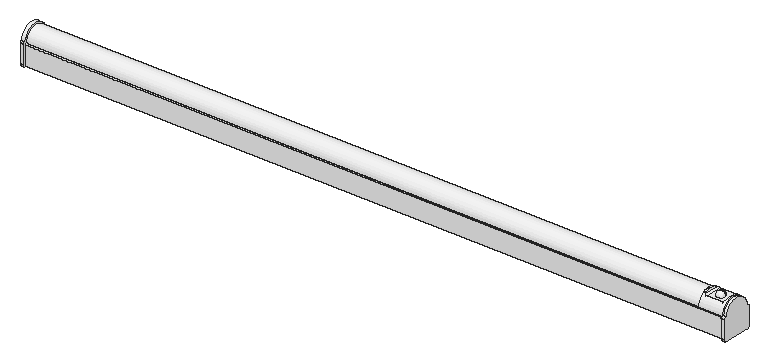
Revit family "0045222 Feilo Sylvania Lighting Fixture SYLBATTEN LED4 6000K TP3 PIR", category Lighting Fixtures, host Face, Revit 2017
Family settings
  Host = Face
  Round Connector Dimension = Use Diameter
  Part Type = Normal
  OmniClass Number = 23.80.70.00
  OmniClass Title = Lighting
  Cut with Voids When Loaded = No
  Light Source = Yes
  Shared = No
  Room Calculation Point = No
Parameters (values of type "0045222 SYLBATTEN LED4 6000K TP3 PIR")
  Width_FEILO = 66 mm
  Weight = "3.3 kg"
  Wattage Comments = "n/a"
  Wattage = 39 W
  WarrantyStartDate [instance] = "n/a"
  WarrantyGuarantorParts = "n/a"
  WarrantyDurationUnit = "n/a"
  WarrantyDurationParts = "n/a"
  WarrantyDescription = "n/a"
  built-in parameter 1150110 = 1 (stored number, unit not read)
  Voltage = 230 V
  URL = "http://www.sylvania-lighting.com"
  TypeName = "SYLBATTEN LED4 6000K TP3 PIR"
  Type Image = <None>
  Type Comments = "n/a"
  built-in parameter 1114217 = 1 (stored number, unit not read)
  Tilt Angle = -90.00°
  built-in parameter 1150109 = 1 (stored number, unit not read)
  built-in parameter 1150134 = 5
  SymReflector_FEILO = no
  built-in parameter 1150113 = 1 (stored number, unit not read)
  SerialNumber [instance] = "n/a"
  RadiusPIR_FEILO = 9 mm
  RadiusDiffuser_FEILO = 27 mm
  PowerFactor = 0
  PowerConsumption = "39 W"
  Photometric Web File = "0045222.ies"
  NominalLength = 1605 mm
  NominalHeight = 76 mm
  NominalDepth = 66 mm
  Name = "SYLBATTEN LED4 6000K TP3 PIR"
  ModelReference = Name  # "SYLBATTEN LED4 6000K TP3 PIR"
  ModelNumber = "0045222"
  Model = Name  # "SYLBATTEN LED4 6000K TP3 PIR"
  Material_4_FEILO = Reflector-Sylvania-Sylbatten-White
  Material_3_FEILO = Diffuser-Sylvania-Sylbatten-Glow
  Material_2_FEILO = Body-Sylvania-Sylbatten-White
  Material_1_FEILO = Body-Sylvania-Sylbatten-White
  Material = "sheet steel housing, polycarbonate diffuser"
  ManufacturerName = "Feilo Sylvania"
  Manufacturer = "Feilo Sylvania"
  LuminousEfficacy = "112.2 lm/W"
  built-in parameter 1150105 = 1232.1 (stored number, unit not read)
  Lumens = 4377.75 lm
  LuminaireType = ""
  built-in parameter 1150115 = 1 (stored number, unit not read)
  LightOutputRatio = "100"
  built-in parameter 1150137 = (empty or 0)
  built-in parameter 1150139 = (empty or 0)
  Length_FEILO = 1605 mm
  LampsType = Lamp  # "LED"
  LampNominalLuminous = "4378 lm"
  LampMacAdamStep = "n/a"
  LampColourTemperature = "6000 K"
  LampColourRenderingIndex = "80"
  built-in parameter 1150112 = 1 (stored number, unit not read)
  built-in parameter 1150114 = 1 (stored number, unit not read)
  Lamp = "LED"
  Keynote = "16500"
  InstallationDate [instance] = "n/a"
  InputVoltage = "220-240V~"
  InputNominalFrequency = "n/a"
  built-in parameter 1150132 = (empty or 0)
  built-in parameter 1150102 = (empty or 0)
  built-in parameter 1150107 = 6000 (stored number, unit not read)
  built-in parameter 1150138 = (empty or 0)
  IngressProtection = "IP20"
  ImpactProtectionIndex = "IK07"
  built-in parameter 1150106 = 12.321 (stored number, unit not read)
  IfcExportType = "IfcLightFixtureType"
  IfcExportAs = "IfcLightFixtureType"
  Height_FEILO = 76 mm
  ExpectedLife = 50000
  Emit from Rectangle Width = Length_FEILO - 16 mm - 55 mm  # 1534 mm
  Emit from Rectangle Length = Width_FEILO - 40 mm  # 26 mm
  Emit Shape Visible in Rendering = no
  ElectricShockClassification = "Class I"
  built-in parameter 1150104 = 10.428 (stored number, unit not read)
  DurationUnit = "hours"
  DocumentationLiterature = "http://www.sylvania-lighting.com/product/en-int/products/0045222"
  DimmingControlOptions = "n/a"
  Dimming Lamp Color Temperature Shift = <None>
  Description = "LED batten, T8 replacement, ease of installation through 2 part push-in design of the housing (safety cable included), through wiring capability (TP3 = 3 core), sheet steel, 4377LM, 39W, 112m/W, 6000K, drive current: 350mA, CRI 80, 138° wide beam angle, electronic driver (non dimmable), with integrated PIR sensor, IP20, IK07, 50,000 hrs (L70), (LxWxH) 1505x66x76mm, 5 step MacAdam ellipse, 3.7kg, white RAL 9016, Class 1, 220-240V, energy class: A++, A+, A."
  Default Elevation = 1219.2 mm
  CreatedOn = "2/1/2018"
  CreatedBy = ""
  Cost = 0
  Color Filter = 16777215
  built-in parameter 1114216 [instance] = (empty or 0)
  ClassificationValue = "EF_70_80"
  ClassificationName = "Uniclass2015"
  CapOffset_FEILO = 2 mm
  BarCode [instance] = "n/a"
  built-in parameter 1114218 = 1 (stored number, unit not read)
  BackReflector_FEILO = and(not(AsymReflector_FEILO), SymReflector_FEILO)  # no
  built-in parameter 1150133 = 10 (stored number, unit not read)
  FrontReflector_FEILO = or(AsymReflector_FEILO, SymReflector_FEILO)  # no
  AsymReflector_FEILO = no
  AssetType = "Fixed"
  AssetIdentifier [instance] = "n/a"
  Assembly Code = "D5020200"
  Apparent Load = 39 VA
Reference planes
  plane 1 "Center (Front/Back)": y = 0
  plane 2: z = 0
  plane 3 "Center (Left/Right)": x = 0
  plane 4: x = 802.5
  plane 5: x = -802.5
  plane 6: y = 33
  plane 7: y = -33
  plane 8: z = 76
  plane 9: z = 47
  plane 10: y = -29
  plane 11: y = 29
  plane 12: z = 20
  plane 13: z = 74
  plane 14: y = -31
  plane 15: y = -27
  plane 16: y = 27
  plane 17: y = 31
  plane 18: z = 2
  plane 19: x = -794.5
  plane 20: x = 794.5
  plane 21: z = 49
  plane 22: y = 1
  plane 23: y = -1
  plane 24: z = 21
  plane 25: z = 19
  plane 26: y = -61
  plane 27: y = 61
  plane 28: y = -56
  plane 29: y = 56
  plane 30: z = 91
  plane 31: z = 88
  plane 32: x = 739.5
  plane 33: x = 745.5
  plane 34: x = 788.5
  plane 35: z = 69
  plane 36: x = 767
  plane 37: x = -27.5
Forms (mm)
  Extrusion 1, solid, material "Body-Sylvania-Sylbatten-White" <- "Material_2_FEILO"
    sketch origin (0, 0, 0) x (0, 1, 0) y (0, 0, 1)
      loop
        line (-31, 2) -> (31, 2) -> (31, 45)
        arc (31, 45) -> (30.414, 46.414) -> (29, 47) r 2
        line (29, 47) -> (-29, 47)
        arc (-29, 47) -> (-30.414, 46.414) -> (-31, 45) r 2
        line (-31, 45) -> (-31, 2)
    from -794.5 to 794.5
  Extrusion 2, solid, material "Body-Sylvania-Sylbatten-White" <- "Material_2_FEILO"
    sketch origin (802.5, 1524, 1219.2) x (0, 1, 0) y (0, 0, 1)
      loop
        arc (-1494, -1219.2) -> (-1491.879, -1218.321) -> (-1491, -1216.2) r 3
        line (-1491, -1216.2) -> (-1491, -1173.2)
        arc (-1491, -1173.2) -> (-1491.879, -1171.079) -> (-1494, -1170.2) r 3
        line (-1494, -1170.2) -> (-1495.069, -1170.2)
        arc (-1495.069, -1170.2) -> (-1524, -1143.2) -> (-1552.931, -1170.2) r 29
        line (-1552.931, -1170.2) -> (-1554, -1170.2)
        arc (-1554, -1170.2) -> (-1556.121, -1171.079) -> (-1557, -1173.2) r 3
        line (-1557, -1173.2) -> (-1557, -1216.2)
        arc (-1557, -1216.2) -> (-1556.121, -1218.321) -> (-1554, -1219.2) r 3
        line (-1554, -1219.2) -> (-1494, -1219.2)
      loop
        arc (-1525, -1189.25) -> (-1531.071, -1192.129) -> (-1533.95, -1198.2) r 10
        line (-1533.95, -1198.2) -> (-1532.944, -1198.2)
        arc (-1532.944, -1198.2) -> (-1530.364, -1192.836) -> (-1525, -1190.256) r 9
        line (-1525, -1190.256) -> (-1525, -1189.25)
      loop
        arc (-1523, -1190.256) -> (-1517.636, -1192.836) -> (-1515.056, -1198.2) r 9
        line (-1515.056, -1198.2) -> (-1514.05, -1198.2)
        arc (-1514.05, -1198.2) -> (-1516.929, -1192.129) -> (-1523, -1189.25) r 10
        line (-1523, -1189.25) -> (-1523, -1190.256)
      loop
        line (-1532.944, -1200.2) -> (-1533.95, -1200.2)
        arc (-1533.95, -1200.2) -> (-1531.071, -1206.271) -> (-1525, -1209.15) r 10
        line (-1525, -1209.15) -> (-1525, -1208.144)
        arc (-1525, -1208.144) -> (-1530.364, -1205.564) -> (-1532.944, -1200.2) r 9
      loop
        arc (-1515.056, -1200.2) -> (-1517.636, -1205.564) -> (-1523, -1208.144) r 9
        line (-1523, -1208.144) -> (-1523, -1209.15)
        arc (-1523, -1209.15) -> (-1516.929, -1206.271) -> (-1514.05, -1200.2) r 10
        line (-1514.05, -1200.2) -> (-1515.056, -1200.2)
    from 0 to -8
  Extrusion 3, solid, material "Body-Sylvania-Sylbatten-White" <- "Material_2_FEILO"
    sketch origin (-802.5, 1524, 1219.2) x (0, 1, 0) y (0, 0, 1)
      loop
        arc (-1495.069, -1170.2) -> (-1524, -1143.2) -> (-1552.931, -1170.2) r 29
        line (-1552.931, -1170.2) -> (-1554, -1170.2)
        arc (-1554, -1170.2) -> (-1556.121, -1171.079) -> (-1557, -1173.2) r 3
        line (-1557, -1173.2) -> (-1557, -1216.2)
        arc (-1557, -1216.2) -> (-1556.121, -1218.321) -> (-1554, -1219.2) r 3
        line (-1554, -1219.2) -> (-1494, -1219.2)
        arc (-1494, -1219.2) -> (-1491.879, -1218.321) -> (-1491, -1216.2) r 3
        line (-1491, -1216.2) -> (-1491, -1173.2)
        arc (-1491, -1173.2) -> (-1491.879, -1171.079) -> (-1494, -1170.2) r 3
        line (-1494, -1170.2) -> (-1495.069, -1170.2)
      loop
        line (-1533.95, -1198.2) -> (-1532.944, -1198.2)
        arc (-1532.944, -1198.2) -> (-1530.364, -1192.836) -> (-1525, -1190.256) r 9
        line (-1525, -1190.256) -> (-1525, -1189.25)
        arc (-1525, -1189.25) -> (-1531.071, -1192.129) -> (-1533.95, -1198.2) r 10
      loop
        line (-1523, -1189.25) -> (-1523, -1190.256)
        arc (-1523, -1190.256) -> (-1517.636, -1192.836) -> (-1515.056, -1198.2) r 9
        line (-1515.056, -1198.2) -> (-1514.05, -1198.2)
        arc (-1514.05, -1198.2) -> (-1516.929, -1192.129) -> (-1523, -1189.25) r 10
      loop
        line (-1514.05, -1200.2) -> (-1515.056, -1200.2)
        arc (-1515.056, -1200.2) -> (-1517.636, -1205.564) -> (-1523, -1208.144) r 9
        line (-1523, -1208.144) -> (-1523, -1209.15)
        arc (-1523, -1209.15) -> (-1516.929, -1206.271) -> (-1514.05, -1200.2) r 10
      loop
        line (-1525, -1209.15) -> (-1525, -1208.144)
        arc (-1525, -1208.144) -> (-1530.364, -1205.564) -> (-1532.944, -1200.2) r 9
        line (-1532.944, -1200.2) -> (-1533.95, -1200.2)
        arc (-1533.95, -1200.2) -> (-1531.071, -1206.271) -> (-1525, -1209.15) r 10
    from 0 to 8
  Extrusion 4, solid, material "Reflector-Sylvania-Sylbatten-White" <- "Material_4_FEILO", visible <- "FrontReflector_FEILO"
    sketch origin (0, 0, 0) x (0, 1, 0) y (0, 0, 1)
      loop
        line (-61.257, 88.429) -> (-60.743, 87.571) -> (-56.621, 90.044)
        arc (-56.621, 90.044) -> (-56.237, 90.099) -> (-55.929, 89.863) r 0.5
        line (-55.929, 89.863) -> (-31.435, 46.753) -> (-30.565, 47.247) -> (-55.312, 90.802)
        arc (-55.312, 90.802) -> (-55.928, 91.275) -> (-56.696, 91.165) r 1
        line (-56.696, 91.165) -> (-61.257, 88.429)
    from -794.5 to 794.5
  Extrusion 5, solid, material "Reflector-Sylvania-Sylbatten-White" <- "Material_4_FEILO", visible <- "BackReflector_FEILO"
    sketch origin (0, 0, 0) x (0, 1, 0) y (0, 0, 1)
      loop
        line (30.565, 47.247) -> (31.435, 46.753) -> (55.932, 89.868)
        arc (55.932, 89.868) -> (56.245, 90.112) -> (56.638, 90.062) r 0.518
        line (56.638, 90.062) -> (61.033, 87.565) -> (61.527, 88.435) -> (56.682, 91.188)
        arc (56.682, 91.188) -> (55.922, 91.282) -> (55.318, 90.812) r 1
        line (55.318, 90.812) -> (30.565, 47.247)
    from -794.5 to 794.5
  Extrusion 6, solid, material "Diffuser-Sylvania-Sylbatten-Glow" <- "Material_3_FEILO"
    sketch origin (0, 0, 0) x (0, 1, 0) y (0, 0, 1)
      loop
        arc (27, 47) -> (0, 74) -> (-27, 47) r 27
        line (-27, 47) -> (27, 47)
    from -794.5 to 739.5
  Extrusion 7, solid, material "Body-Sylvania-Sylbatten-White" <- "Material_2_FEILO"
    sketch origin (739.5, 1524, 1219.2) x (0, 1, 0) y (0, 0, 1)
      loop
        arc (-1495, -1172.2) -> (-1524, -1143.2) -> (-1553, -1172.2) r 29
        line (-1553, -1172.2) -> (-1495, -1172.2)
    from 0 to 55
  Extrusion 8, void
    sketch origin (0, 0, 0) x (1, 0, 0) y (0, 0, 1)
      loop
        line (748.432, 69) -> (785.568, 69)
        arc (785.568, 69) -> (787.933, 69.774) -> (789.383, 71.795) r 4
        line (789.383, 71.795) -> (794.5, 88) -> (739.5, 88) -> (744.617, 71.795)
        arc (744.617, 71.795) -> (746.067, 69.774) -> (748.432, 69) r 4
    from -27 to 27
  Revolve 9, solid, material "Body-Sylvania-Sylbatten-White" <- "Material_2_FEILO"
    sketch origin (0, 0, 0) x (1, 0, 0) y (0, 0, 1)
      loop
        arc (776, 69) -> (773.364, 75.364) -> (767, 78) r 9
        line (767, 78) -> (767, 69) -> (776, 69)
      axis (767, 78) -> (767, 69)
    angle from 360 to 0
Cuts and joins
  Extrusion 8 cuts Extrusion 7
Lines and regions (mm)
  reference lines
    curve 1: line (0, -61, 88) -> (0, -56, 91)
    curve 2: line (0, -56, 91) -> (0, -31, 47)
    curve 3: line (0, 31, 47) -> (0, 56, 91)
    curve 4: line (0, 56, 91) -> (0, 61.28, 88)
Dimensions and locks
  equal spacing: plane 5, plane 3 "Center (Left/Right)", plane 4
  equal spacing: plane 7, plane 1 "Center (Front/Back)", plane 6
  "Width_FEILO": plane 7 to plane 6
  "Length_FEILO": plane 5 to plane 4
  "Height_FEILO": plane 8 to plane 2
  locked: plane 9 to plane 8 at 29
  equal spacing: plane 10, plane 1 "Center (Front/Back)", plane 11
  locked: plane 7 to plane 10 at 4
  locked: plane 12 to plane 2 at 20
  "CapOffset_FEILO": plane 13 to plane 8
  "CapOffset_FEILO": plane 7 to plane 14
  "CapOffset_FEILO": plane 10 to plane 15
  "CapOffset_FEILO": plane 17 to plane 6
  "CapOffset_FEILO": plane 16 to plane 11
  "CapOffset_FEILO": plane 18 to plane 2
  locked: plane 14 to Extrusion 1 sketch curve at 2
  locked: Extrusion 1 sketch curve to plane 9 at 2  (x2)
  locked: plane 16 to Extrusion 1 sketch curve at 2
  equal spacing: plane 19, plane 3 "Center (Left/Right)", plane 20
  locked: plane 5 to plane 19 at 8
  "CapOffset_FEILO": plane 9 to plane 21
  locked: Extrusion 2 sketch curve to plane 2 at 47
  locked: Extrusion 2 sketch curve to plane 2 at 3  (x2)
  locked: plane 7 to Extrusion 2 sketch curve at 3  (x2)
  locked: Extrusion 2 sketch curve to plane 6 at 3  (x2)
  locked: Extrusion 2 sketch curve to plane 21 at 3  (x2)
  equal spacing: plane 23, plane 1 "Center (Front/Back)", plane 22
  equal spacing: plane 25, plane 12, plane 24
  plane 30 to plane 31 to plane 2 = 3 mm locked, 88 mm locked
  plane 28 to plane 29 = 112 mm
  plane 26 to plane 27 = 122 mm
  locked: plane 32 to plane 20 at 55
  plane 20 to plane 34 = 6 mm
  plane 33 to plane 32 = 6 mm
  plane 21 to plane 35 = 20 mm
  locked: Extrusion 8 sketch curve to plane 35 at 4  (x2)
  locked: Extrusion 8 sketch curve to plane 33 at 2.932
  locked: plane 34 to Extrusion 8 sketch curve at 2.932
  equal spacing: plane 34, plane 36, plane 33
  locked: plane 37 to plane 3 "Center (Left/Right)" at 27.5
  "RadiusDiffuser_FEILO": radius of Extrusion 6 sketch curve
  "RadiusPIR_FEILO": radius of Revolve 9 sketch curve
  aligned and locked: plane 2 to host face
  aligned and locked: level to host face
  aligned and locked: plane 18 to Extrusion 1 sketch curve
  aligned and locked: plane 14 to Extrusion 1 sketch curve
  aligned and locked: Extrusion 1 sketch curve to plane 9
  aligned and locked: Extrusion 1 sketch curve to plane 17
  aligned and locked: plane 20 to Extrusion 1
  aligned and locked: level to Extrusion 2 sketch curve
  aligned and locked: Extrusion 2 sketch curve to plane 7
  aligned and locked: plane 21 to Extrusion 2 sketch curve
  aligned and locked: Extrusion 2 sketch curve to plane 21
  aligned and locked: plane 1 "Center (Front/Back)" to Extrusion 2 sketch curve  (x3)
  aligned and locked: Extrusion 2 to Extrusion 1
  aligned and locked: plane 4 to Extrusion 2
  aligned and locked: plane 12 to Extrusion 2 sketch curve  (x2)
  aligned and locked: Extrusion 2 sketch curve to plane 22
  aligned and locked: Extrusion 2 sketch curve to plane 23
  aligned and locked: Extrusion 2 sketch curve to plane 24
  aligned and locked: Extrusion 2 sketch curve to plane 25
  aligned and locked: plane 25 to Extrusion 2 sketch curve
  aligned and locked: plane 22 to Extrusion 2 sketch curve
  aligned and locked: plane 24 to Extrusion 2 sketch curve
  aligned and locked: plane 23 to Extrusion 2 sketch curve  (x2)
  aligned and locked: Extrusion 3 sketch curve to Extrusion 2  (x22)
  aligned and locked: Extrusion 3 to Extrusion 1
  aligned and locked: Extrusion 3 to plane 5
  aligned and locked: plane 19 to Extrusion 3
  aligned and locked: plane 31 to curve 1
  aligned and locked: plane 30 to curve 1
  aligned and locked: plane 14 to curve 2
  aligned and locked: plane 9 to curve 2
  aligned and locked: plane 17 to curve 3
  aligned and locked: plane 30 to curve 3
  aligned and locked: plane 31 to curve 4
  aligned and locked: Extrusion 4 sketch curve to curve 2
  aligned and locked: Extrusion 4 sketch curve to curve 1
  aligned and locked: Extrusion 4 to Extrusion 1
  aligned and locked: Extrusion 1 to Extrusion 4
  aligned and locked: imposter light to plane 1 "Center (Front/Back)"
  aligned and locked: imposter light to plane 13
  aligned and locked: Extrusion 5 sketch curve to curve 4
  aligned and locked: Extrusion 5 sketch curve to curve 3
  aligned and locked: Extrusion 1 to Extrusion 5
  aligned and locked: Extrusion 5 to Extrusion 1
  aligned and locked: plane 9 to Extrusion 6 sketch curve  (x3)
  aligned and locked: plane 15 to Extrusion 6 sketch curve
  aligned and locked: plane 32 to Extrusion 6
  aligned and locked: Extrusion 1 to Extrusion 6
  aligned and locked: Extrusion 1 to Extrusion 7
  aligned and locked: Extrusion 7 to plane 32
  aligned and locked: Extrusion 7 sketch curve to Extrusion 2
  aligned and locked: Extrusion 7 sketch curve to Extrusion 1
  aligned and locked: Extrusion 1 to Extrusion 7 sketch curve
  aligned and locked: plane 35 to Extrusion 8 sketch curve
  aligned and locked: plane 15 to Extrusion 8
  aligned and locked: Extrusion 8 to plane 16
  aligned and locked: plane 31 to Extrusion 8 sketch curve  (x2)
  aligned and locked: plane 32 to Extrusion 8 sketch curve
  aligned and locked: plane 20 to Extrusion 8 sketch curve
  aligned and locked: Revolve 9 sketch curve to plane 36  (x2)
  aligned and locked: cut or joined group of Extrusion 7, Extrusion 8 to Revolve 9 sketch curve
  aligned and locked: imposter light to plane 37
Automatic sketch dimensions
  host sketch curve to host sketch curve = 2438.4 mm  (x2)
  Extrusion 2 sketch curve to Extrusion 2 sketch curve = 0 mm  (x14)
  Extrusion 2 sketch curve to plane 10 = 0.069 mm
  plane 23 to Extrusion 2 sketch curve = 8.95 mm
  Extrusion 2 sketch curve to Extrusion 2 sketch curve = 1.006 mm  (x4)
  Extrusion 2 sketch curve to plane 22 = 7.944 mm
  curve 1 to plane 26 = 0 mm
  curve 2 to plane 28 = 0 mm
  curve 4 to plane 29 = 0 mm
  plane 9 to curve 3 = 0 mm
  plane 26 to Extrusion 4 sketch curve = 0.257 mm
  Extrusion 4 sketch curve to plane 26 = 0.257 mm
  Extrusion 4 sketch curve to plane 30 = 0.165 mm
  plane 28 to Extrusion 4 sketch curve = 0.696 mm
  plane 28 to Extrusion 4 sketch curve = 0.621 mm
  plane 28 to Extrusion 4 sketch curve = 0.364 mm
  plane 28 to Extrusion 4 sketch curve = 0.182 mm
  Extrusion 4 sketch curve to plane 28 = 0.071 mm
  plane 30 to Extrusion 4 sketch curve = 0.198 mm
  Extrusion 4 sketch curve to plane 28 = 0.688 mm
  plane 9 to Extrusion 4 sketch curve = 0.247 mm
  plane 1 "Center (Front/Back)" to Extrusion 4 sketch curve = 31.435 mm
  Extrusion 5 sketch curve to plane 9 = 0.247 mm
  Extrusion 5 sketch curve to plane 1 "Center (Front/Back)" = 30.565 mm
  plane 9 to Extrusion 5 sketch curve = 0.247 mm
  plane 30 to Extrusion 5 sketch curve = 0.188 mm
  plane 29 to Extrusion 5 sketch curve = 0.068 mm
  Extrusion 5 sketch curve to plane 29 = 0.188 mm
  Extrusion 5 sketch curve to plane 29 = 0.382 mm
  Extrusion 5 sketch curve to Extrusion 5 sketch curve = 0.256 mm
  Extrusion 5 sketch curve to plane 30 = 0.188 mm
  Extrusion 5 sketch curve to plane 29 = 0.682 mm
  Extrusion 5 sketch curve to plane 27 = 0.033 mm
  Extrusion 5 sketch curve to plane 27 = 0.527 mm
  Extrusion 8 sketch curve to plane 33 = 0.883 mm
  plane 34 to Extrusion 8 sketch curve = 0.883 mm
  Revolve 9 sketch curve to plane 35 = 0 mm
  Revolve 9 sketch curve to plane 30 = 2347.4 mm
Connectors
  electrical at (0, 0, 0), driven by "Apparent Load", driven by "PowerFactor", driven by "Voltage"
    settings: index 1, voltage 230 V, apparent load 39 VA, apparent load phase1 0 VA, apparent load phase2 0 VA, apparent load phase3 0 VA, power factor 0, load classification "Lighting", number of poles 1, system type 30, power factor state 1, is connector primary yes, connector utility no, sub classification motor no, connector description ""
